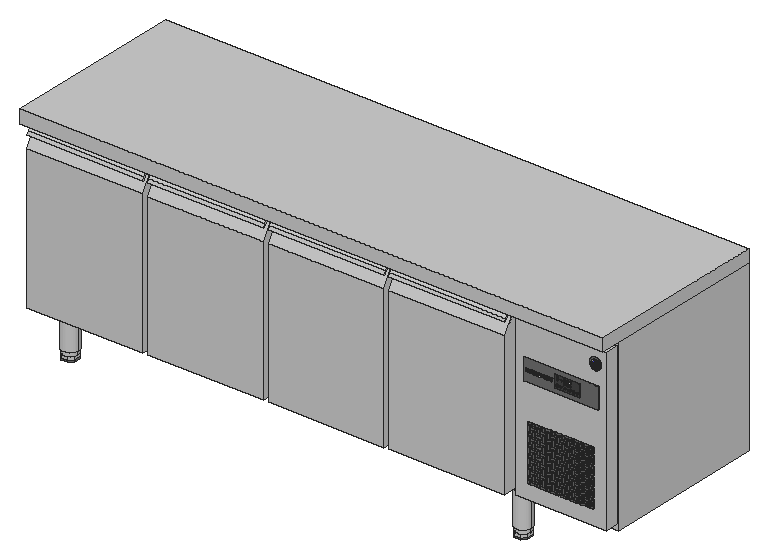
Revit family "QF_HOSHIZAKI_899040840", category Specialty Equipment, Revit 2016
Family settings
  Part Type = Normal
  Round Connector Dimension = Use Diameter
  OmniClass Number = 23.40.40.14
  OmniClass Title = Food Service Equipment
  Work Plane-Based = No
  Always vertical = Yes
  Cut with Voids When Loaded = No
  Shared = No
  Room Calculation Point = No
Parameters (values of type "899040840_230V-1Ph-50Hz")
  Weight = 159.00 kg
  Volts = 230 V
  URL Cutsheet = ""
  URL = "www.hoshizaki-europe.com"
  Status [instance] = ""
  Specification by User [instance] = ""
  Specification by Manufacturer [instance] = ""
  Serial Number = ""
  Seismic Rating = ""
  SMACNA No = ""
  Revision Code [instance] = ""
  Phase = 1
  Number of Poles = 2
  NAFEM Spec ID Number = ""
  Model = "ACF-225DG-LLRR-RRC-L1"
  Min Ckt Ampacity = 0 A
  Max Overcurrent Protection = 0 A
  Masterspec = ""
  Manufacturer = "HOSHIZAKI"
  Length Actual = 2246 mm
  Item Number [instance] = ""
  Installed By [instance] = ""
  Identify Quantity as Lot [instance] = no
  Height Actual = 830 mm
  HP power = ""
  Furnished By [instance] = ""
  Foodservice Equipment Identifier [instance] = yes
  FL Amps = 3.26 A
  Electric power = 752 W
  Electric Connection Type [instance] = ""
  Elec Conn RI Height [instance] = 0 mm
  Elec Conn Connection Height [instance] = 200 mm
  Description = "ADVANCE 4-SECTION 1/1 GN FREEZER COUNTER WITH 4 DOORS AND A FLAT WORKTOP"
  Depth Actual = 700 mm
  Cycle = 50 Hz
  Cost = 0
  Conn Plug = ""
  Conn Conduit = no
  CSI MasterFormat = ""
  Assembly Code = "E1090320"
  Apparent Power = 752 VA
  Accessory = no
Reference planes
  plane 1 "Center (Front/Back)": y = 0
  plane 2: z = 0
  plane 3 "Center (Left/Right)": x = 0
Forms (mm)
  Extrusion 1, solid, not visible
    sketch origin (1999, -17, 399) x (1, 0, 0) y (0, 1, 0)
      loop
        line (0, 0) -> (2, 0) -> (2, 2) -> (0, 2) -> (0, 0)
    from 0 to 2
Dimensions and locks
  aligned and locked: level to plane 2
Nested families
  nested 1: "QF_HOSHIZAKI_899040840_230V_1Ph_50Hz" at (0, 0, 200), type "899040840_230V/1Ph/50Hz"
    with Show Logo yes, Length Actual 2246 mm, Height Actual 650 mm, Depth Actual 700 mm, Compressor offset 1890 mm, Compressor location 1
  nested 2: "QF_HOSHIZAKI_ADVANCE_REF-COUNTER-WORKTOPS" at (0, 0, 850), type "760660203"
    with Worktop thickness 50 mm, Length Actual 2246 mm, Depth Actual 700 mm, Backsplash thickness 20 mm, Backsplash height 100 mm
  nested 3: "QF_HOSHIZAKI_ADVANCE_REF-COUNTER-DOORS-DRAWERS" at (22, -700, 200), type "760660485-R"
    with Weight 0.00 kg, URL Cutsheet "", Status "", Specification by User "", Specification by Manufacturer "", Serial Number "", Seismic Rating "", Section size 446 mm, Section 1, SMACNA No "", Right hand hinged glass door no, Right hand hinged door no, Revision Code "", NAFEM Spec ID Number "", Masterspec "", Length Actual 0 mm, Left hand hinged glass door no, Left hand hinged door yes, Item Number "", Installed By "", Identify Quantity as Lot no, Height Actual 0 mm, Furnished By "", Foodservice Equipment Identifier no, Depth Actual 0 mm, CSI MasterFormat "", Accessory yes, 3 Drawers no, 2 Drawers 1-3 and 2-3 no, 2 Drawers no
  nested 4: "QF_HOSHIZAKI_ADVANCE_REF-COUNTER-DOORS-DRAWERS" at (488, -700, 200), type "760660485-R"
    with Weight 0.00 kg, URL Cutsheet "", Status "", Specification by User "", Specification by Manufacturer "", Serial Number "", Seismic Rating "", Section size 446 mm, Section 2, SMACNA No "", Right hand hinged glass door no, Right hand hinged door yes, Revision Code "", NAFEM Spec ID Number "", Masterspec "", Length Actual 0 mm, Left hand hinged glass door no, Left hand hinged door no, Item Number "", Installed By "", Identify Quantity as Lot no, Height Actual 0 mm, Furnished By "", Foodservice Equipment Identifier no, Depth Actual 0 mm, CSI MasterFormat "", Accessory yes, 3 Drawers no, 2 Drawers 1-3 and 2-3 no, 2 Drawers no
  nested 5: "QF_HOSHIZAKI_ADVANCE_REF-COUNTER-DOORS-DRAWERS" at (952, -700, 200), type "760660485-R"
    with Weight 0.00 kg, URL Cutsheet "", Status "", Specification by User "", Specification by Manufacturer "", Serial Number "", Seismic Rating "", Section size 446 mm, Section 1, SMACNA No "", Right hand hinged glass door no, Right hand hinged door no, Revision Code "", NAFEM Spec ID Number "", Masterspec "", Length Actual 0 mm, Left hand hinged glass door no, Left hand hinged door yes, Item Number "", Installed By "", Identify Quantity as Lot no, Height Actual 0 mm, Furnished By "", Foodservice Equipment Identifier no, Depth Actual 0 mm, CSI MasterFormat "", Accessory yes, 3 Drawers no, 2 Drawers 1-3 and 2-3 no, 2 Drawers no
  nested 6: "QF_HOSHIZAKI_ADVANCE_REF-COUNTER-DOORS-DRAWERS" at (1416, -700, 200), type "760660485-R"
    with Weight 0.00 kg, URL Cutsheet "", Status "", Specification by User "", Specification by Manufacturer "", Serial Number "", Seismic Rating "", Section size 446 mm, Section 2, SMACNA No "", Right hand hinged glass door no, Right hand hinged door yes, Revision Code "", NAFEM Spec ID Number "", Masterspec "", Length Actual 0 mm, Left hand hinged glass door no, Left hand hinged door no, Item Number "", Installed By "", Identify Quantity as Lot no, Height Actual 0 mm, Furnished By "", Foodservice Equipment Identifier no, Depth Actual 0 mm, CSI MasterFormat "", Accessory yes, 3 Drawers no, 2 Drawers 1-3 and 2-3 no, 2 Drawers no
  nested 7: "QF_HOSHIZAKI_ADVANCE_REF-COUNTER-LEGS" at (0, 0, 0), type "760660117-4"
    with Weight 0.00 kg, URL Cutsheet "", Status "", Specification by User "", Specification by Manufacturer "", Serial Number "", Seismic Rating "", SMACNA No "", Revision Code "", NAFEM Spec ID Number "", Masterspec "", Length Actual 2246 mm, Legs inset right 430 mm, Legs inset rear 70 mm, Legs inset left 70 mm, Legs inset front 153 mm, Item Number "", Installed By "", Identify Quantity as Lot no, Height Actual 200 mm, Furnished By "", Foodservice Equipment Identifier no, Depth Actual 700 mm, Central Legs no, CSI MasterFormat "", Accessory yes
Connectors
  electrical at (2000, -15, 400), driven by "Apparent Power", driven by "Number of Poles", driven by "Volts"
    settings: on Extrusion 1, index 1, voltage 230 V, apparent load 0 VA, apparent load phase1 752 VA, apparent load phase2 0 VA, apparent load phase3 0 VA, power factor 1, load classification "Other", number of poles 2, system type 31, power factor state 1, is connector primary yes, connector utility no, sub classification motor no, connector description "Electric connection for '899040840' [Plug not included]"
Definition of nested family "QF_HOSHIZAKI_899040840_230V_1Ph_50Hz"
  Parameters (values of type "899040840_230V/1Ph/50Hz")
    URL = "www.hoshizaki-europe.com"
    Show Logo [instance] = yes
    Model = "ACF-225DG-LLRR-RRC-L1"
    Manufacturer = "HOSHIZAKI"
    Length Actual [instance] = 2246 mm
    Height Actual [instance] = 650 mm
    Description = "ADVANCE 4-SECTION 1/1 GN FREEZER COUNTER WITH 4 DOORS AND A FLAT WORKTOP"
    Depth Actual [instance] = 700 mm
    Compressor offset [instance] = if(Compressor location = 1, Length Actual - 356 mm, if(Compressor location = 2, 7 mm, Length Actual - 356 mm))  # 1890 mm
    Compressor location [instance] = 1
    Author = "SPECIFI"
    Assembly Code = "E1090320"
  Types (24, lengths in mm): name | Model | Length Actual | Description | Compressor offset
    899000840 | "ACF-130DG-LR-RRC-L1" | 1314 | "ADVANCE 2-SECTION 1/1 GN FREEZER COUNTER WITH 2 DOORS AND A FLAT WORKTOP" | 958
    899000844 | "ACF-130DG-LR-RRS-L1" | 1314 | "ADVANCE 2-SECTION 1/1 GN FREEZER COUNTER WITH 2 DOORS AND A FLAT WORKTOP WITH 100 MM SPLASHBACK" | 958
    899000861 | "ACF-130DG-LR-RRC-C1-U" | 1314 | "ADVANCE 2-SECTION 1/1 GN FREEZER COUNTER WITH 2 DOORS AND A FLAT WORKTOP" | 958
    899000865 | "ACF-130DG-LR-RRS-C1-U" | 1314 | "ADVANCE 2-SECTION 1/1 GN FREEZER COUNTER WITH 2 DOORS AND A FLAT WORKTOP WITH 100 MM SPLASHBACK" | 958
    899000842 | "ACF-130DG-LR-RRC-L2" | 1314 | "ADVANCE 2-SECTION 1/1 GN FREEZER COUNTER WITH 2 DOORS AND A FLAT WORKTOP" | 958
    899000846 | "ACF-130DG-LR-RRS-L2" | 1314 | "ADVANCE 2-SECTION 1/1 GN FREEZER COUNTER WITH 2 DOORS AND A FLAT WORKTOP WITH 100 MM SPLASHBACK" | 958
    899000822 | "ACF-130DG-LR-CRC-L2" | 1314 | "ADVANCE 2-SECTION 1/1 GN FREEZER COUNTER WITH 2 DOORS AND A FLAT WORKTOP" | 958
    899000826 | "ACF-130DG-LR-CRS-L2" | 1314 | "ADVANCE 2-SECTION 1/1 GN FREEZER COUNTER WITH 2 DOORS AND A FLAT WORKTOP WITH 100 MM SPLASHBACK" | 958
    899020840 | "ACF-180DG-LRR-RRC-L1" | 1780 | "ADVANCE 3-SECTION 1/1 GN FREEZER COUNTER WITH 3 DOORS AND A FLAT WORKTOP" | 1424
    899020844 | "ACF-180DG-LRR-RRS-L1" | 1780 | "ADVANCE 3-SECTION 1/1 GN FREEZER COUNTER WITH 3 DOORS AND A FLAT WORKTOP WITH 100 MM SPLASHBACK" | 1424
    899020861 | "ACF-180DG-LRR-RRC-C1-U" | 1780 | "ADVANCE 3-SECTION 1/1 GN FREEZER COUNTER WITH 3 DOORS AND A FLAT WORKTOP" | 1424
    899020865 | "ACF-180DG-LRR-RRS-C1-U" | 1780 | "ADVANCE 3-SECTION 1/1 GN FREEZER COUNTER WITH 3 DOORS AND A FLAT WORKTOP WITH 100 MM SPLASHBACK" | 1424
    899020842 | "ACF-180DG-LRR-RRC-L2" | 1780 | "ADVANCE 3-SECTION 1/1 GN FREEZER COUNTER WITH 3 DOORS AND A FLAT WORKTOP" | 1424
    899020846 | "ACF-180DG-LRR-RRS-L2" | 1780 | "ADVANCE 3-SECTION 1/1 GN FREEZER COUNTER WITH 3 DOORS AND A FLAT WORKTOP WITH 100 MM SPLASHBACK" | 1424
    899020823 | "ACF-180DG-LRR-CRC-L2" | 1780 | "ADVANCE 3-SECTION 1/1 GN FREEZER COUNTER WITH 3 DOORS AND A FLAT WORKTOP" | 1424
    899020827 | "ACF-180DG-LRR-CRS-L2" | 1780 | "ADVANCE 3-SECTION 1/1 GN FREEZER COUNTER WITH 3 DOORS AND A FLAT WORKTOP WITH 100 MM SPLASHBACK" | 1424
    899040840_230V/1Ph/50Hz | "ACF-225DG-LLRR-RRC-L1" | 2246 | "ADVANCE 4-SECTION 1/1 GN FREEZER COUNTER WITH 4 DOORS AND A FLAT WORKTOP" | 1890
    899040844 | "ACF-225DG-LLRR-RRS-L1" | 2246 | "ADVANCE 4-SECTION 1/1 GN FREEZER COUNTER WITH 4 DOORS AND A FLAT WORKTOP WITH 100 MM SPLASHBACK" | 1890
    899040861 | "ACF-225DG-LLRR-RRC-C1-U" | 2246 | "ADVANCE 4-SECTION 1/1 GN FREEZER COUNTER WITH 4 DOORS AND A FLAT WORKTOP" | 1890
    899040865 | "ACF-225DG-LLRR-RRS-C1-U" | 2246 | "ADVANCE 4-SECTION 1/1 GN FREEZER COUNTER WITH 4 DOORS AND A FLAT WORKTOP WITH 100 MM SPLASHBACK" | 1890
    899040842 | "ACF-225DG-LLRR-RRC-L2" | 2246 | "ADVANCE 4-SECTION 1/1 GN FREEZER COUNTER WITH 4 DOORS AND A FLAT WORKTOP" | 1890
    899040846 | "ACF-225DG-LLRR-RRS-L2" | 2246 | "ADVANCE 4-SECTION 1/1 GN FREEZER COUNTER WITH 4 DOORS AND A FLAT WORKTOP WITH 100 MM SPLASHBACK" | 1890
    899040822 | "ACF-225DG-LLRR-CRC-L2" | 2246 | "ADVANCE 4-SECTION 1/1 GN FREEZER COUNTER WITH 4 DOORS AND A FLAT WORKTOP" | 1890
    899040826 | "ACF-225DG-LLRR-CRS-L2" | 2246 | "ADVANCE 4-SECTION 1/1 GN FREEZER COUNTER WITH 4 DOORS AND A FLAT WORKTOP WITH 100 MM SPLASHBACK" | 1890
  Reference planes
    plane 1 "Back": y = 0
    plane 2: z = 0
    plane 3 "Left": x = 0
    plane 4 "Right": x = 2246
    plane 5 "Front": y = -700
    plane 6 "Top": z = 650
    plane 7 "Front legs": y = -624.512
    plane 8 "Compressor dimension": x = 2246
    plane 9 "Compressor offset": x = 1890
  Forms (mm)
    Extrusion 1, solid
      sketch origin (0, 0, 0) x (0, 1, 0) y (0, 0, 1)
        loop
          line (0, 650) -> (-624.512, 650) -> (-624.512, 0) -> (0, 0) -> (0, 650)
      from 0 to 2246
    Extrusion 2, solid
      sketch origin (1890, 0, 0) x (0, -1, 0) y (0, 0, 1)
        loop
          line (624.512, 634) -> (624.512, 20) -> (674.54, 20) -> (674.54, 634) -> (624.512, 634)
      from 0 to -349
  Lines and regions (mm)
    symbolic lines
      curve 1: line (0, 0, 650) -> (2246, 0, 650)
      curve 2: line (0, -700, 650) -> (0, 0, 650)
      curve 3: line (2246, -700, 650) -> (0, -700, 650)
      curve 4: line (2246, 0, 650) -> (2246, -700, 650)
  Dimensions and locks
    "Length Actual": plane 3 "Left" to plane 4 "Right"
    "Depth Actual": plane 5 "Front" to plane 1 "Back"
    plane 7 "Front legs" to plane 5 "Front" = 75.488 mm
    "Compressor offset": plane 3 "Left" to plane 9 "Compressor offset"
    locked: plane 9 "Compressor offset" to plane 8 "Compressor dimension" at 356
    plane 6 "Top" to level = 650 mm
    aligned and locked: level to plane 2
    aligned and locked: plane 1 "Back" to Extrusion 1 sketch curve
    aligned and locked: plane 7 "Front legs" to Extrusion 1 sketch curve
    aligned and locked: Extrusion 1 to plane 4 "Right"
    aligned and locked: plane 7 "Front legs" to Extrusion 2 sketch curve
    aligned and locked: nested 1 to plane 5 "Front"
    aligned and locked: nested 1 to plane 9 "Compressor offset"
    aligned and locked: Extrusion 1 sketch curve to plane 6 "Top"
    aligned and locked: plane 2 to Extrusion 1 sketch curve
    aligned and locked: plane 1 "Back" to curve 1
    aligned and locked: plane 5 "Front" to curve 3
    aligned and locked: plane 4 "Right" to curve 4
    aligned and locked: plane 3 "Left" to curve 2
  Automatic sketch dimensions
    plane 5 "Front" to Extrusion 2 sketch curve = 25.46 mm
    level to Extrusion 2 sketch curve = 20 mm
    Extrusion 2 sketch curve to plane 6 "Top" = 16 mm
  Nested families
    nested 1: "Control-panel" at (1890, -700, 0), Show Logo <- "Show Logo", type "Control-panel"
      with Show Logo yes
  Definition of nested family "Control-panel"
    Parameters (values of type "Control-panel")
      Show Logo [instance] = yes
    Reference planes
      plane 1 "Center (Front/Back)": y = 0
      plane 2: z = 0
      plane 3 "Center (Left/Right)": x = 0
      plane 4: z = 650
    Forms (mm)
      Extrusion 1, solid
        sketch origin (-3653, 19.5, -135) x (-1, 0, 0) y (0, 0, 1)
          loop
            arc (-3941, 426) -> (-3944.5, 422.5) -> (-3941, 419) r 3.5
            line (-3941, 419) -> (-3923, 419)
            arc (-3923, 419) -> (-3919.5, 422.5) -> (-3923, 426) r 3.5
            line (-3923, 426) -> (-3941, 426)
          loop
            arc (-3903, 426) -> (-3906.5, 422.5) -> (-3903, 419) r 3.5
            line (-3903, 419) -> (-3885, 419)
            arc (-3885, 419) -> (-3881.5, 422.5) -> (-3885, 426) r 3.5
            line (-3885, 426) -> (-3903, 426)
          loop
            arc (-3865, 426) -> (-3868.5, 422.5) -> (-3865, 419) r 3.5
            line (-3865, 419) -> (-3847, 419)
            arc (-3847, 419) -> (-3843.5, 422.5) -> (-3847, 426) r 3.5
            line (-3847, 426) -> (-3865, 426)
          loop
            arc (-3827, 426) -> (-3830.5, 422.5) -> (-3827, 419) r 3.5
            line (-3827, 419) -> (-3809, 419)
            arc (-3809, 419) -> (-3805.5, 422.5) -> (-3809, 426) r 3.5
            line (-3809, 426) -> (-3827, 426)
          loop
            arc (-3789, 426) -> (-3792.5, 422.5) -> (-3789, 419) r 3.5
            line (-3789, 419) -> (-3771, 419)
            arc (-3771, 419) -> (-3767.5, 422.5) -> (-3771, 426) r 3.5
            line (-3771, 426) -> (-3789, 426)
          loop
            arc (-3751, 426) -> (-3754.5, 422.5) -> (-3751, 419) r 3.5
            line (-3751, 419) -> (-3733, 419)
            arc (-3733, 419) -> (-3729.5, 422.5) -> (-3733, 426) r 3.5
            line (-3733, 426) -> (-3751, 426)
          loop
            arc (-3713, 426) -> (-3716.5, 422.5) -> (-3713, 419) r 3.5
            line (-3713, 419) -> (-3704, 419)
            arc (-3704, 419) -> (-3700.5, 422.5) -> (-3704, 426) r 3.5
            line (-3704, 426) -> (-3713, 426)
          loop
            arc (-3948, 422) -> (-3951, 425) -> (-3954, 422) r 3
            line (-3954, 422) -> (-3954, 413)
            arc (-3954, 413) -> (-3951, 410) -> (-3948, 413) r 3
            line (-3948, 413) -> (-3948, 422)
          loop
            line (-3938.025, 416.51) -> (-3945.025, 416.51) -> (-3945.025, 409.51) -> (-3938.025, 409.51) -> (-3938.025, 416.51)
          loop
            line (-3919.025, 416.51) -> (-3926.025, 416.51) -> (-3926.025, 409.51) -> (-3919.025, 409.51) -> (-3919.025, 416.51)
          loop
            arc (-3910, 422) -> (-3913, 425) -> (-3916, 422) r 3
            line (-3916, 422) -> (-3916, 413)
            arc (-3916, 413) -> (-3913, 410) -> (-3910, 413) r 3
            line (-3910, 413) -> (-3910, 422)
          loop
            line (-3900.025, 416.51) -> (-3907.025, 416.51) -> (-3907.025, 409.51) -> (-3900.025, 409.51) -> (-3900.025, 416.51)
          loop
            line (-3881.025, 416.51) -> (-3888.025, 416.51) -> (-3888.025, 409.51) -> (-3881.025, 409.51) -> (-3881.025, 416.51)
          loop
            arc (-3872, 422) -> (-3875, 425) -> (-3878, 422) r 3
            line (-3878, 422) -> (-3878, 413)
            arc (-3878, 413) -> (-3875, 410) -> (-3872, 413) r 3
            line (-3872, 413) -> (-3872, 422)
          loop
            line (-3862.025, 416.51) -> (-3869.025, 416.51) -> (-3869.025, 409.51) -> (-3862.025, 409.51) -> (-3862.025, 416.51)
          loop
            line (-3843.025, 416.51) -> (-3850.025, 416.51) -> (-3850.025, 409.51) -> (-3843.025, 409.51) -> (-3843.025, 416.51)
          loop
            arc (-3834, 422) -> (-3837, 425) -> (-3840, 422) r 3
            line (-3840, 422) -> (-3840, 413)
            arc (-3840, 413) -> (-3837, 410) -> (-3834, 413) r 3
            line (-3834, 413) -> (-3834, 422)
          loop
            line (-3824.025, 416.51) -> (-3831.025, 416.51) -> (-3831.025, 409.51) -> (-3824.025, 409.51) -> (-3824.025, 416.51)
          loop
            line (-3805.025, 416.51) -> (-3812.025, 416.51) -> (-3812.025, 409.51) -> (-3805.025, 409.51) -> (-3805.025, 416.51)
          loop
            arc (-3796, 422) -> (-3799, 425) -> (-3802, 422) r 3
            line (-3802, 422) -> (-3802, 413)
            arc (-3802, 413) -> (-3799, 410) -> (-3796, 413) r 3
            line (-3796, 413) -> (-3796, 422)
          loop
            line (-3786.025, 416.51) -> (-3793.025, 416.51) -> (-3793.025, 409.51) -> (-3786.025, 409.51) -> (-3786.025, 416.51)
          loop
            line (-3767.025, 416.51) -> (-3774.025, 416.51) -> (-3774.025, 409.51) -> (-3767.025, 409.51) -> (-3767.025, 416.51)
          loop
            arc (-3758, 422) -> (-3761, 425) -> (-3764, 422) r 3
            line (-3764, 422) -> (-3764, 413)
            arc (-3764, 413) -> (-3761, 410) -> (-3758, 413) r 3
            line (-3758, 413) -> (-3758, 422)
          loop
            line (-3748.025, 416.51) -> (-3755.025, 416.51) -> (-3755.025, 409.51) -> (-3748.025, 409.51) -> (-3748.025, 416.51)
          loop
            line (-3729.025, 416.51) -> (-3736.025, 416.51) -> (-3736.025, 409.51) -> (-3729.025, 409.51) -> (-3729.025, 416.51)
          loop
            arc (-3720, 422) -> (-3723, 425) -> (-3726, 422) r 3
            line (-3726, 422) -> (-3726, 413)
            arc (-3726, 413) -> (-3723, 410) -> (-3720, 413) r 3
            line (-3720, 413) -> (-3720, 422)
          loop
            line (-3710.025, 416.51) -> (-3717.025, 416.51) -> (-3717.025, 409.51) -> (-3710.025, 409.51) -> (-3710.025, 416.51)
          loop
            line (-3935.5, 412.5) -> (-3935.5, 394.5)
            arc (-3935.5, 394.5) -> (-3932, 391) -> (-3928.5, 394.5) r 3.5
            line (-3928.5, 394.5) -> (-3928.5, 412.5)
            arc (-3928.5, 412.5) -> (-3932, 416) -> (-3935.5, 412.5) r 3.5
          loop
            line (-3897.5, 412.5) -> (-3897.5, 394.5)
            arc (-3897.5, 394.5) -> (-3894, 391) -> (-3890.5, 394.5) r 3.5
            line (-3890.5, 394.5) -> (-3890.5, 412.5)
            arc (-3890.5, 412.5) -> (-3894, 416) -> (-3897.5, 412.5) r 3.5
          loop
            line (-3859.5, 412.5) -> (-3859.5, 394.5)
            arc (-3859.5, 394.5) -> (-3856, 391) -> (-3852.5, 394.5) r 3.5
            line (-3852.5, 394.5) -> (-3852.5, 412.5)
            arc (-3852.5, 412.5) -> (-3856, 416) -> (-3859.5, 412.5) r 3.5
          loop
            line (-3821.5, 412.5) -> (-3821.5, 394.5)
            arc (-3821.5, 394.5) -> (-3818, 391) -> (-3814.5, 394.5) r 3.5
            line (-3814.5, 394.5) -> (-3814.5, 412.5)
            arc (-3814.5, 412.5) -> (-3818, 416) -> (-3821.5, 412.5) r 3.5
          loop
            line (-3783.5, 412.5) -> (-3783.5, 394.5)
            arc (-3783.5, 394.5) -> (-3780, 391) -> (-3776.5, 394.5) r 3.5
            line (-3776.5, 394.5) -> (-3776.5, 412.5)
            arc (-3776.5, 412.5) -> (-3780, 416) -> (-3783.5, 412.5) r 3.5
          loop
            line (-3745.5, 412.5) -> (-3745.5, 394.5)
            arc (-3745.5, 394.5) -> (-3742, 391) -> (-3738.5, 394.5) r 3.5
            line (-3738.5, 394.5) -> (-3738.5, 412.5)
            arc (-3738.5, 412.5) -> (-3742, 416) -> (-3745.5, 412.5) r 3.5
          loop
            line (-3707.5, 412.5) -> (-3707.5, 394.5)
            arc (-3707.5, 394.5) -> (-3704, 391) -> (-3700.5, 394.5) r 3.5
            line (-3700.5, 394.5) -> (-3700.5, 412.5)
            arc (-3700.5, 412.5) -> (-3704, 416) -> (-3707.5, 412.5) r 3.5
          loop
            arc (-3922, 407) -> (-3925.5, 403.5) -> (-3922, 400) r 3.5
            line (-3922, 400) -> (-3904, 400)
            arc (-3904, 400) -> (-3900.5, 403.5) -> (-3904, 407) r 3.5
            line (-3904, 407) -> (-3922, 407)
          loop
            arc (-3884, 407) -> (-3887.5, 403.5) -> (-3884, 400) r 3.5
            line (-3884, 400) -> (-3866, 400)
            arc (-3866, 400) -> (-3862.5, 403.5) -> (-3866, 407) r 3.5
            line (-3866, 407) -> (-3884, 407)
          loop
            arc (-3846, 407) -> (-3849.5, 403.5) -> (-3846, 400) r 3.5
            line (-3846, 400) -> (-3828, 400)
            arc (-3828, 400) -> (-3824.5, 403.5) -> (-3828, 407) r 3.5
            line (-3828, 407) -> (-3846, 407)
          loop
            arc (-3808, 407) -> (-3811.5, 403.5) -> (-3808, 400) r 3.5
            line (-3808, 400) -> (-3790, 400)
            arc (-3790, 400) -> (-3786.5, 403.5) -> (-3790, 407) r 3.5
            line (-3790, 407) -> (-3808, 407)
          loop
            arc (-3770, 407) -> (-3773.5, 403.5) -> (-3770, 400) r 3.5
            line (-3770, 400) -> (-3752, 400)
            arc (-3752, 400) -> (-3748.5, 403.5) -> (-3752, 407) r 3.5
            line (-3752, 407) -> (-3770, 407)
          loop
            arc (-3732, 407) -> (-3735.5, 403.5) -> (-3732, 400) r 3.5
            line (-3732, 400) -> (-3714, 400)
            arc (-3714, 400) -> (-3710.5, 403.5) -> (-3714, 407) r 3.5
            line (-3714, 407) -> (-3732, 407)
          loop
            line (-3938.025, 390.49) -> (-3938.025, 397.49) -> (-3945.025, 397.49) -> (-3945.025, 390.49) -> (-3938.025, 390.49)
          loop
            line (-3919.025, 390.49) -> (-3919.025, 397.49) -> (-3926.025, 397.49) -> (-3926.025, 390.49) -> (-3919.025, 390.49)
          loop
            line (-3900.025, 390.49) -> (-3900.025, 397.49) -> (-3907.025, 397.49) -> (-3907.025, 390.49) -> (-3900.025, 390.49)
          loop
            line (-3881.025, 390.49) -> (-3881.025, 397.49) -> (-3888.025, 397.49) -> (-3888.025, 390.49) -> (-3881.025, 390.49)
          loop
            line (-3862.025, 390.49) -> (-3862.025, 397.49) -> (-3869.025, 397.49) -> (-3869.025, 390.49) -> (-3862.025, 390.49)
          loop
            line (-3843.025, 390.49) -> (-3843.025, 397.49) -> (-3850.025, 397.49) -> (-3850.025, 390.49) -> (-3843.025, 390.49)
          loop
            line (-3824.025, 390.49) -> (-3824.025, 397.49) -> (-3831.025, 397.49) -> (-3831.025, 390.49) -> (-3824.025, 390.49)
          loop
            line (-3805.025, 390.49) -> (-3805.025, 397.49) -> (-3812.025, 397.49) -> (-3812.025, 390.49) -> (-3805.025, 390.49)
          loop
            line (-3786.025, 390.49) -> (-3786.025, 397.49) -> (-3793.025, 397.49) -> (-3793.025, 390.49) -> (-3786.025, 390.49)
          loop
            line (-3767.025, 390.49) -> (-3767.025, 397.49) -> (-3774.025, 397.49) -> (-3774.025, 390.49) -> (-3767.025, 390.49)
          loop
            line (-3748.025, 390.49) -> (-3748.025, 397.49) -> (-3755.025, 397.49) -> (-3755.025, 390.49) -> (-3748.025, 390.49)
          loop
            line (-3729.025, 390.49) -> (-3729.025, 397.49) -> (-3736.025, 397.49) -> (-3736.025, 390.49) -> (-3729.025, 390.49)
          loop
            line (-3710.025, 390.49) -> (-3710.025, 397.49) -> (-3717.025, 397.49) -> (-3717.025, 390.49) -> (-3710.025, 390.49)
          loop
            arc (-3719.5, 393.5) -> (-3723, 397) -> (-3726.5, 393.5) r 3.5
            line (-3726.5, 393.5) -> (-3726.5, 375.5)
            arc (-3726.5, 375.5) -> (-3723, 372) -> (-3719.5, 375.5) r 3.5
            line (-3719.5, 375.5) -> (-3719.5, 393.5)
          loop
            arc (-3757.5, 393.5) -> (-3761, 397) -> (-3764.5, 393.5) r 3.5
            line (-3764.5, 393.5) -> (-3764.5, 375.5)
            arc (-3764.5, 375.5) -> (-3761, 372) -> (-3757.5, 375.5) r 3.5
            line (-3757.5, 375.5) -> (-3757.5, 393.5)
          loop
            arc (-3795.5, 393.5) -> (-3799, 397) -> (-3802.5, 393.5) r 3.5
            line (-3802.5, 393.5) -> (-3802.5, 375.5)
            arc (-3802.5, 375.5) -> (-3799, 372) -> (-3795.5, 375.5) r 3.5
            line (-3795.5, 375.5) -> (-3795.5, 393.5)
          loop
            arc (-3833.5, 393.5) -> (-3837, 397) -> (-3840.5, 393.5) r 3.5
            line (-3840.5, 393.5) -> (-3840.5, 375.5)
            arc (-3840.5, 375.5) -> (-3837, 372) -> (-3833.5, 375.5) r 3.5
            line (-3833.5, 375.5) -> (-3833.5, 393.5)
          loop
            arc (-3871.5, 393.5) -> (-3875, 397) -> (-3878.5, 393.5) r 3.5
            line (-3878.5, 393.5) -> (-3878.5, 375.5)
            arc (-3878.5, 375.5) -> (-3875, 372) -> (-3871.5, 375.5) r 3.5
            line (-3871.5, 375.5) -> (-3871.5, 393.5)
          loop
            arc (-3909.5, 393.5) -> (-3913, 397) -> (-3916.5, 393.5) r 3.5
            line (-3916.5, 393.5) -> (-3916.5, 375.5)
            arc (-3916.5, 375.5) -> (-3913, 372) -> (-3909.5, 375.5) r 3.5
            line (-3909.5, 375.5) -> (-3909.5, 393.5)
          loop
            arc (-3951, 406.5) -> (-3954, 403.5) -> (-3951, 400.5) r 3
            line (-3951, 400.5) -> (-3942, 400.5)
            arc (-3942, 400.5) -> (-3939, 403.5) -> (-3942, 406.5) r 3
            line (-3942, 406.5) -> (-3951, 406.5)
          loop
            arc (-3947.5, 393.5) -> (-3951, 397) -> (-3954.5, 393.5) r 3.5
            line (-3954.5, 393.5) -> (-3954.5, 375.5)
            arc (-3954.5, 375.5) -> (-3951, 372) -> (-3947.5, 375.5) r 3.5
            line (-3947.5, 375.5) -> (-3947.5, 393.5)
          loop
            arc (-3941, 388.51) -> (-3944.5, 385.01) -> (-3941, 381.51) r 3.5
            line (-3941, 381.51) -> (-3923, 381.51)
            arc (-3923, 381.51) -> (-3919.5, 385.01) -> (-3923, 388.51) r 3.5
            line (-3923, 388.51) -> (-3941, 388.51)
          loop
            arc (-3903, 388.51) -> (-3906.5, 385.01) -> (-3903, 381.51) r 3.5
            line (-3903, 381.51) -> (-3885, 381.51)
            arc (-3885, 381.51) -> (-3881.5, 385.01) -> (-3885, 388.51) r 3.5
            line (-3885, 388.51) -> (-3903, 388.51)
          loop
            arc (-3865, 388.51) -> (-3868.5, 385.01) -> (-3865, 381.51) r 3.5
            line (-3865, 381.51) -> (-3847, 381.51)
            arc (-3847, 381.51) -> (-3843.5, 385.01) -> (-3847, 388.51) r 3.5
            line (-3847, 388.51) -> (-3865, 388.51)
          loop
            arc (-3827, 388.51) -> (-3830.5, 385.01) -> (-3827, 381.51) r 3.5
            line (-3827, 381.51) -> (-3809, 381.51)
            arc (-3809, 381.51) -> (-3805.5, 385.01) -> (-3809, 388.51) r 3.5
            line (-3809, 388.51) -> (-3827, 388.51)
          loop
            arc (-3789, 388.51) -> (-3792.5, 385.01) -> (-3789, 381.51) r 3.5
            line (-3789, 381.51) -> (-3771, 381.51)
            arc (-3771, 381.51) -> (-3767.5, 385.01) -> (-3771, 388.51) r 3.5
            line (-3771, 388.51) -> (-3789, 388.51)
          loop
            arc (-3751, 388.51) -> (-3754.5, 385.01) -> (-3751, 381.51) r 3.5
            line (-3751, 381.51) -> (-3733, 381.51)
            arc (-3733, 381.51) -> (-3729.5, 385.01) -> (-3733, 388.51) r 3.5
            line (-3733, 388.51) -> (-3751, 388.51)
          loop
            arc (-3713, 388.51) -> (-3716.5, 385.01) -> (-3713, 381.51) r 3.5
            line (-3713, 381.51) -> (-3704, 381.51)
            arc (-3704, 381.51) -> (-3700.5, 385.01) -> (-3704, 388.51) r 3.5
            line (-3704, 388.51) -> (-3713, 388.51)
          loop
            line (-3938.025, 379.02) -> (-3945.025, 379.02) -> (-3945.025, 372.02) -> (-3938.025, 372.02) -> (-3938.025, 379.02)
          loop
            line (-3919.025, 379.02) -> (-3926.025, 379.02) -> (-3926.025, 372.02) -> (-3919.025, 372.02) -> (-3919.025, 379.02)
          loop
            line (-3900.025, 379.02) -> (-3907.025, 379.02) -> (-3907.025, 372.02) -> (-3900.025, 372.02) -> (-3900.025, 379.02)
          loop
            line (-3881.025, 379.02) -> (-3888.025, 379.02) -> (-3888.025, 372.02) -> (-3881.025, 372.02) -> (-3881.025, 379.02)
          loop
            line (-3862.025, 379.02) -> (-3869.025, 379.02) -> (-3869.025, 372.02) -> (-3862.025, 372.02) -> (-3862.025, 379.02)
          loop
            line (-3843.025, 379.02) -> (-3850.025, 379.02) -> (-3850.025, 372.02) -> (-3843.025, 372.02) -> (-3843.025, 379.02)
          loop
            line (-3824.025, 379.02) -> (-3831.025, 379.02) -> (-3831.025, 372.02) -> (-3824.025, 372.02) -> (-3824.025, 379.02)
          loop
            line (-3805.025, 379.02) -> (-3812.025, 379.02) -> (-3812.025, 372.02) -> (-3805.025, 372.02) -> (-3805.025, 379.02)
          loop
            line (-3786.025, 379.02) -> (-3793.025, 379.02) -> (-3793.025, 372.02) -> (-3786.025, 372.02) -> (-3786.025, 379.02)
          loop
            line (-3767.025, 379.02) -> (-3774.025, 379.02) -> (-3774.025, 372.02) -> (-3767.025, 372.02) -> (-3767.025, 379.02)
          loop
            line (-3748.025, 379.02) -> (-3755.025, 379.02) -> (-3755.025, 372.02) -> (-3748.025, 372.02) -> (-3748.025, 379.02)
          loop
            line (-3729.025, 379.02) -> (-3736.025, 379.02) -> (-3736.025, 372.02) -> (-3729.025, 372.02) -> (-3729.025, 379.02)
          loop
            line (-3710.025, 379.02) -> (-3717.025, 379.02) -> (-3717.025, 372.02) -> (-3710.025, 372.02) -> (-3710.025, 379.02)
          loop
            line (-3935.5, 375.01) -> (-3935.5, 357.01)
            arc (-3935.5, 357.01) -> (-3932, 353.51) -> (-3928.5, 357.01) r 3.5
            line (-3928.5, 357.01) -> (-3928.5, 375.01)
            arc (-3928.5, 375.01) -> (-3932, 378.51) -> (-3935.5, 375.01) r 3.5
          loop
            line (-3897.5, 375.01) -> (-3897.5, 357.01)
            arc (-3897.5, 357.01) -> (-3894, 353.51) -> (-3890.5, 357.01) r 3.5
            line (-3890.5, 357.01) -> (-3890.5, 375.01)
            arc (-3890.5, 375.01) -> (-3894, 378.51) -> (-3897.5, 375.01) r 3.5
          loop
            line (-3859.5, 375.01) -> (-3859.5, 357.01)
            arc (-3859.5, 357.01) -> (-3856, 353.51) -> (-3852.5, 357.01) r 3.5
            line (-3852.5, 357.01) -> (-3852.5, 375.01)
            arc (-3852.5, 375.01) -> (-3856, 378.51) -> (-3859.5, 375.01) r 3.5
          loop
            line (-3821.5, 375.01) -> (-3821.5, 357.01)
            arc (-3821.5, 357.01) -> (-3818, 353.51) -> (-3814.5, 357.01) r 3.5
            line (-3814.5, 357.01) -> (-3814.5, 375.01)
            arc (-3814.5, 375.01) -> (-3818, 378.51) -> (-3821.5, 375.01) r 3.5
          loop
            line (-3783.5, 375.01) -> (-3783.5, 357.01)
            arc (-3783.5, 357.01) -> (-3780, 353.51) -> (-3776.5, 357.01) r 3.5
            line (-3776.5, 357.01) -> (-3776.5, 375.01)
            arc (-3776.5, 375.01) -> (-3780, 378.51) -> (-3783.5, 375.01) r 3.5
          loop
            line (-3745.5, 375.01) -> (-3745.5, 357.01)
            arc (-3745.5, 357.01) -> (-3742, 353.51) -> (-3738.5, 357.01) r 3.5
            line (-3738.5, 357.01) -> (-3738.5, 375.01)
            arc (-3738.5, 375.01) -> (-3742, 378.51) -> (-3745.5, 375.01) r 3.5
          loop
            line (-3707.5, 375.01) -> (-3707.5, 357.01)
            arc (-3707.5, 357.01) -> (-3704, 353.51) -> (-3700.5, 357.01) r 3.5
            line (-3700.5, 357.01) -> (-3700.5, 375.01)
            arc (-3700.5, 375.01) -> (-3704, 378.51) -> (-3707.5, 375.01) r 3.5
          loop
            arc (-3922, 369.51) -> (-3925.5, 366.01) -> (-3922, 362.51) r 3.5
            line (-3922, 362.51) -> (-3904, 362.51)
            arc (-3904, 362.51) -> (-3900.5, 366.01) -> (-3904, 369.51) r 3.5
            line (-3904, 369.51) -> (-3922, 369.51)
          loop
            arc (-3884, 369.51) -> (-3887.5, 366.01) -> (-3884, 362.51) r 3.5
            line (-3884, 362.51) -> (-3866, 362.51)
            arc (-3866, 362.51) -> (-3862.5, 366.01) -> (-3866, 369.51) r 3.5
            line (-3866, 369.51) -> (-3884, 369.51)
          loop
            arc (-3846, 369.51) -> (-3849.5, 366.01) -> (-3846, 362.51) r 3.5
            line (-3846, 362.51) -> (-3828, 362.51)
            arc (-3828, 362.51) -> (-3824.5, 366.01) -> (-3828, 369.51) r 3.5
            line (-3828, 369.51) -> (-3846, 369.51)
          loop
            arc (-3808, 369.51) -> (-3811.5, 366.01) -> (-3808, 362.51) r 3.5
            line (-3808, 362.51) -> (-3790, 362.51)
            arc (-3790, 362.51) -> (-3786.5, 366.01) -> (-3790, 369.51) r 3.5
            line (-3790, 369.51) -> (-3808, 369.51)
          loop
            arc (-3770, 369.51) -> (-3773.5, 366.01) -> (-3770, 362.51) r 3.5
            line (-3770, 362.51) -> (-3752, 362.51)
            arc (-3752, 362.51) -> (-3748.5, 366.01) -> (-3752, 369.51) r 3.5
            line (-3752, 369.51) -> (-3770, 369.51)
          loop
            arc (-3732, 369.51) -> (-3735.5, 366.01) -> (-3732, 362.51) r 3.5
            line (-3732, 362.51) -> (-3714, 362.51)
            arc (-3714, 362.51) -> (-3710.5, 366.01) -> (-3714, 369.51) r 3.5
            line (-3714, 369.51) -> (-3732, 369.51)
          loop
            line (-3938.025, 353) -> (-3938.025, 360) -> (-3945.025, 360) -> (-3945.025, 353) -> (-3938.025, 353)
          loop
            line (-3919.025, 353) -> (-3919.025, 360) -> (-3926.025, 360) -> (-3926.025, 353) -> (-3919.025, 353)
          loop
            line (-3900.025, 353) -> (-3900.025, 360) -> (-3907.025, 360) -> (-3907.025, 353) -> (-3900.025, 353)
          loop
            line (-3881.025, 353) -> (-3881.025, 360) -> (-3888.025, 360) -> (-3888.025, 353) -> (-3881.025, 353)
          loop
            line (-3862.025, 353) -> (-3862.025, 360) -> (-3869.025, 360) -> (-3869.025, 353) -> (-3862.025, 353)
          loop
            line (-3843.025, 353) -> (-3843.025, 360) -> (-3850.025, 360) -> (-3850.025, 353) -> (-3843.025, 353)
          loop
            line (-3824.025, 353) -> (-3824.025, 360) -> (-3831.025, 360) -> (-3831.025, 353) -> (-3824.025, 353)
          loop
            line (-3805.025, 353) -> (-3805.025, 360) -> (-3812.025, 360) -> (-3812.025, 353) -> (-3805.025, 353)
          loop
            line (-3786.025, 353) -> (-3786.025, 360) -> (-3793.025, 360) -> (-3793.025, 353) -> (-3786.025, 353)
          loop
            line (-3767.025, 353) -> (-3767.025, 360) -> (-3774.025, 360) -> (-3774.025, 353) -> (-3767.025, 353)
          loop
            line (-3748.025, 353) -> (-3748.025, 360) -> (-3755.025, 360) -> (-3755.025, 353) -> (-3748.025, 353)
          loop
            line (-3729.025, 353) -> (-3729.025, 360) -> (-3736.025, 360) -> (-3736.025, 353) -> (-3729.025, 353)
          loop
            line (-3710.025, 353) -> (-3710.025, 360) -> (-3717.025, 360) -> (-3717.025, 353) -> (-3710.025, 353)
          loop
            arc (-3719.5, 356.01) -> (-3723, 359.51) -> (-3726.5, 356.01) r 3.5
            line (-3726.5, 356.01) -> (-3726.5, 338.01)
            arc (-3726.5, 338.01) -> (-3723, 334.51) -> (-3719.5, 338.01) r 3.5
            line (-3719.5, 338.01) -> (-3719.5, 356.01)
          loop
            arc (-3757.5, 356.01) -> (-3761, 359.51) -> (-3764.5, 356.01) r 3.5
            line (-3764.5, 356.01) -> (-3764.5, 338.01)
            arc (-3764.5, 338.01) -> (-3761, 334.51) -> (-3757.5, 338.01) r 3.5
            line (-3757.5, 338.01) -> (-3757.5, 356.01)
          loop
            arc (-3795.5, 356.01) -> (-3799, 359.51) -> (-3802.5, 356.01) r 3.5
            line (-3802.5, 356.01) -> (-3802.5, 338.01)
            arc (-3802.5, 338.01) -> (-3799, 334.51) -> (-3795.5, 338.01) r 3.5
            line (-3795.5, 338.01) -> (-3795.5, 356.01)
          loop
            arc (-3833.5, 356.01) -> (-3837, 359.51) -> (-3840.5, 356.01) r 3.5
            line (-3840.5, 356.01) -> (-3840.5, 338.01)
            arc (-3840.5, 338.01) -> (-3837, 334.51) -> (-3833.5, 338.01) r 3.5
            line (-3833.5, 338.01) -> (-3833.5, 356.01)
          loop
            arc (-3871.5, 356.01) -> (-3875, 359.51) -> (-3878.5, 356.01) r 3.5
            line (-3878.5, 356.01) -> (-3878.5, 338.01)
            arc (-3878.5, 338.01) -> (-3875, 334.51) -> (-3871.5, 338.01) r 3.5
            line (-3871.5, 338.01) -> (-3871.5, 356.01)
          loop
            arc (-3909.5, 356.01) -> (-3913, 359.51) -> (-3916.5, 356.01) r 3.5
            line (-3916.5, 356.01) -> (-3916.5, 338.01)
            arc (-3916.5, 338.01) -> (-3913, 334.51) -> (-3909.5, 338.01) r 3.5
            line (-3909.5, 338.01) -> (-3909.5, 356.01)
          loop
            arc (-3951, 369.01) -> (-3954, 366.01) -> (-3951, 363.01) r 3
            line (-3951, 363.01) -> (-3942, 363.01)
            arc (-3942, 363.01) -> (-3939, 366.01) -> (-3942, 369.01) r 3
            line (-3942, 369.01) -> (-3951, 369.01)
          loop
            arc (-3947.5, 356.01) -> (-3951, 359.51) -> (-3954.5, 356.01) r 3.5
            line (-3954.5, 356.01) -> (-3954.5, 338.01)
            arc (-3954.5, 338.01) -> (-3951, 334.51) -> (-3947.5, 338.01) r 3.5
            line (-3947.5, 338.01) -> (-3947.5, 356.01)
          loop
            arc (-3941, 350.486) -> (-3944.5, 346.986) -> (-3941, 343.486) r 3.5
            line (-3941, 343.486) -> (-3923, 343.486)
            arc (-3923, 343.486) -> (-3919.5, 346.986) -> (-3923, 350.486) r 3.5
            line (-3923, 350.486) -> (-3941, 350.486)
          loop
            arc (-3903, 350.486) -> (-3906.5, 346.986) -> (-3903, 343.486) r 3.5
            line (-3903, 343.486) -> (-3885, 343.486)
            arc (-3885, 343.486) -> (-3881.5, 346.986) -> (-3885, 350.486) r 3.5
            line (-3885, 350.486) -> (-3903, 350.486)
          loop
            arc (-3865, 350.486) -> (-3868.5, 346.986) -> (-3865, 343.486) r 3.5
            line (-3865, 343.486) -> (-3847, 343.486)
            arc (-3847, 343.486) -> (-3843.5, 346.986) -> (-3847, 350.486) r 3.5
            line (-3847, 350.486) -> (-3865, 350.486)
          loop
            arc (-3827, 350.486) -> (-3830.5, 346.986) -> (-3827, 343.486) r 3.5
            line (-3827, 343.486) -> (-3809, 343.486)
            arc (-3809, 343.486) -> (-3805.5, 346.986) -> (-3809, 350.486) r 3.5
            line (-3809, 350.486) -> (-3827, 350.486)
          loop
            arc (-3789, 350.486) -> (-3792.5, 346.986) -> (-3789, 343.486) r 3.5
            line (-3789, 343.486) -> (-3771, 343.486)
            arc (-3771, 343.486) -> (-3767.5, 346.986) -> (-3771, 350.486) r 3.5
            line (-3771, 350.486) -> (-3789, 350.486)
          loop
            arc (-3751, 350.486) -> (-3754.5, 346.986) -> (-3751, 343.486) r 3.5
            line (-3751, 343.486) -> (-3733, 343.486)
            arc (-3733, 343.486) -> (-3729.5, 346.986) -> (-3733, 350.486) r 3.5
            line (-3733, 350.486) -> (-3751, 350.486)
          loop
            arc (-3713, 350.486) -> (-3716.5, 346.986) -> (-3713, 343.486) r 3.5
            line (-3713, 343.486) -> (-3704, 343.486)
            arc (-3704, 343.486) -> (-3700.5, 346.986) -> (-3704, 350.486) r 3.5
            line (-3704, 350.486) -> (-3713, 350.486)
          loop
            line (-3938.025, 340.996) -> (-3945.025, 340.996) -> (-3945.025, 333.996) -> (-3938.025, 333.996) -> (-3938.025, 340.996)
          loop
            line (-3919.025, 340.996) -> (-3926.025, 340.996) -> (-3926.025, 333.996) -> (-3919.025, 333.996) -> (-3919.025, 340.996)
          loop
            line (-3900.025, 340.996) -> (-3907.025, 340.996) -> (-3907.025, 333.996) -> (-3900.025, 333.996) -> (-3900.025, 340.996)
          loop
            line (-3881.025, 340.996) -> (-3888.025, 340.996) -> (-3888.025, 333.996) -> (-3881.025, 333.996) -> (-3881.025, 340.996)
          loop
            line (-3862.025, 340.996) -> (-3869.025, 340.996) -> (-3869.025, 333.996) -> (-3862.025, 333.996) -> (-3862.025, 340.996)
          loop
            line (-3843.025, 340.996) -> (-3850.025, 340.996) -> (-3850.025, 333.996) -> (-3843.025, 333.996) -> (-3843.025, 340.996)
          loop
            line (-3824.025, 340.996) -> (-3831.025, 340.996) -> (-3831.025, 333.996) -> (-3824.025, 333.996) -> (-3824.025, 340.996)
          loop
            line (-3805.025, 340.996) -> (-3812.025, 340.996) -> (-3812.025, 333.996) -> (-3805.025, 333.996) -> (-3805.025, 340.996)
          loop
            line (-3786.025, 340.996) -> (-3793.025, 340.996) -> (-3793.025, 333.996) -> (-3786.025, 333.996) -> (-3786.025, 340.996)
          loop
            line (-3767.025, 340.996) -> (-3774.025, 340.996) -> (-3774.025, 333.996) -> (-3767.025, 333.996) -> (-3767.025, 340.996)
          loop
            line (-3748.025, 340.996) -> (-3755.025, 340.996) -> (-3755.025, 333.996) -> (-3748.025, 333.996) -> (-3748.025, 340.996)
          loop
            line (-3729.025, 340.996) -> (-3736.025, 340.996) -> (-3736.025, 333.996) -> (-3729.025, 333.996) -> (-3729.025, 340.996)
          loop
            line (-3710.025, 340.996) -> (-3717.025, 340.996) -> (-3717.025, 333.996) -> (-3710.025, 333.996) -> (-3710.025, 340.996)
          loop
            line (-3935.5, 336.986) -> (-3935.5, 318.986)
            arc (-3935.5, 318.986) -> (-3932, 315.486) -> (-3928.5, 318.986) r 3.5
            line (-3928.5, 318.986) -> (-3928.5, 336.986)
            arc (-3928.5, 336.986) -> (-3932, 340.486) -> (-3935.5, 336.986) r 3.5
          loop
            line (-3897.5, 336.986) -> (-3897.5, 318.986)
            arc (-3897.5, 318.986) -> (-3894, 315.486) -> (-3890.5, 318.986) r 3.5
            line (-3890.5, 318.986) -> (-3890.5, 336.986)
            arc (-3890.5, 336.986) -> (-3894, 340.486) -> (-3897.5, 336.986) r 3.5
          loop
            line (-3859.5, 336.986) -> (-3859.5, 318.986)
            arc (-3859.5, 318.986) -> (-3856, 315.486) -> (-3852.5, 318.986) r 3.5
            line (-3852.5, 318.986) -> (-3852.5, 336.986)
            arc (-3852.5, 336.986) -> (-3856, 340.486) -> (-3859.5, 336.986) r 3.5
          loop
            line (-3821.5, 336.986) -> (-3821.5, 318.986)
            arc (-3821.5, 318.986) -> (-3818, 315.486) -> (-3814.5, 318.986) r 3.5
            line (-3814.5, 318.986) -> (-3814.5, 336.986)
            arc (-3814.5, 336.986) -> (-3818, 340.486) -> (-3821.5, 336.986) r 3.5
          loop
            line (-3783.5, 336.986) -> (-3783.5, 318.986)
            arc (-3783.5, 318.986) -> (-3780, 315.486) -> (-3776.5, 318.986) r 3.5
            line (-3776.5, 318.986) -> (-3776.5, 336.986)
            arc (-3776.5, 336.986) -> (-3780, 340.486) -> (-3783.5, 336.986) r 3.5
          loop
            line (-3745.5, 336.986) -> (-3745.5, 318.986)
            arc (-3745.5, 318.986) -> (-3742, 315.486) -> (-3738.5, 318.986) r 3.5
            line (-3738.5, 318.986) -> (-3738.5, 336.986)
            arc (-3738.5, 336.986) -> (-3742, 340.486) -> (-3745.5, 336.986) r 3.5
          loop
            line (-3707.5, 336.986) -> (-3707.5, 318.986)
            arc (-3707.5, 318.986) -> (-3704, 315.486) -> (-3700.5, 318.986) r 3.5
            line (-3700.5, 318.986) -> (-3700.5, 336.986)
            arc (-3700.5, 336.986) -> (-3704, 340.486) -> (-3707.5, 336.986) r 3.5
          loop
            arc (-3922, 331.486) -> (-3925.5, 327.986) -> (-3922, 324.486) r 3.5
            line (-3922, 324.486) -> (-3904, 324.486)
            arc (-3904, 324.486) -> (-3900.5, 327.986) -> (-3904, 331.486) r 3.5
            line (-3904, 331.486) -> (-3922, 331.486)
          loop
            arc (-3884, 331.486) -> (-3887.5, 327.986) -> (-3884, 324.486) r 3.5
            line (-3884, 324.486) -> (-3866, 324.486)
            arc (-3866, 324.486) -> (-3862.5, 327.986) -> (-3866, 331.486) r 3.5
            line (-3866, 331.486) -> (-3884, 331.486)
          loop
            arc (-3846, 331.486) -> (-3849.5, 327.986) -> (-3846, 324.486) r 3.5
            line (-3846, 324.486) -> (-3828, 324.486)
            arc (-3828, 324.486) -> (-3824.5, 327.986) -> (-3828, 331.486) r 3.5
            line (-3828, 331.486) -> (-3846, 331.486)
          loop
            arc (-3808, 331.486) -> (-3811.5, 327.986) -> (-3808, 324.486) r 3.5
            line (-3808, 324.486) -> (-3790, 324.486)
            arc (-3790, 324.486) -> (-3786.5, 327.986) -> (-3790, 331.486) r 3.5
            line (-3790, 331.486) -> (-3808, 331.486)
          loop
            arc (-3770, 331.486) -> (-3773.5, 327.986) -> (-3770, 324.486) r 3.5
            line (-3770, 324.486) -> (-3752, 324.486)
            arc (-3752, 324.486) -> (-3748.5, 327.986) -> (-3752, 331.486) r 3.5
            line (-3752, 331.486) -> (-3770, 331.486)
          loop
            arc (-3732, 331.486) -> (-3735.5, 327.986) -> (-3732, 324.486) r 3.5
            line (-3732, 324.486) -> (-3714, 324.486)
            arc (-3714, 324.486) -> (-3710.5, 327.986) -> (-3714, 331.486) r 3.5
            line (-3714, 331.486) -> (-3732, 331.486)
          loop
            line (-3938.025, 314.976) -> (-3938.025, 321.976) -> (-3945.025, 321.976) -> (-3945.025, 314.976) -> (-3938.025, 314.976)
          loop
            line (-3919.025, 314.976) -> (-3919.025, 321.976) -> (-3926.025, 321.976) -> (-3926.025, 314.976) -> (-3919.025, 314.976)
          loop
            line (-3900.025, 314.976) -> (-3900.025, 321.976) -> (-3907.025, 321.976) -> (-3907.025, 314.976) -> (-3900.025, 314.976)
          loop
            line (-3881.025, 314.976) -> (-3881.025, 321.976) -> (-3888.025, 321.976) -> (-3888.025, 314.976) -> (-3881.025, 314.976)
          loop
            line (-3862.025, 314.976) -> (-3862.025, 321.976) -> (-3869.025, 321.976) -> (-3869.025, 314.976) -> (-3862.025, 314.976)
          loop
            line (-3843.025, 314.976) -> (-3843.025, 321.976) -> (-3850.025, 321.976) -> (-3850.025, 314.976) -> (-3843.025, 314.976)
          loop
            line (-3824.025, 314.976) -> (-3824.025, 321.976) -> (-3831.025, 321.976) -> (-3831.025, 314.976) -> (-3824.025, 314.976)
          loop
            line (-3805.025, 314.976) -> (-3805.025, 321.976) -> (-3812.025, 321.976) -> (-3812.025, 314.976) -> (-3805.025, 314.976)
          loop
            line (-3786.025, 314.976) -> (-3786.025, 321.976) -> (-3793.025, 321.976) -> (-3793.025, 314.976) -> (-3786.025, 314.976)
          loop
            line (-3767.025, 314.976) -> (-3767.025, 321.976) -> (-3774.025, 321.976) -> (-3774.025, 314.976) -> (-3767.025, 314.976)
          loop
            line (-3748.025, 314.976) -> (-3748.025, 321.976) -> (-3755.025, 321.976) -> (-3755.025, 314.976) -> (-3748.025, 314.976)
          loop
            line (-3729.025, 314.976) -> (-3729.025, 321.976) -> (-3736.025, 321.976) -> (-3736.025, 314.976) -> (-3729.025, 314.976)
          loop
            line (-3710.025, 314.976) -> (-3710.025, 321.976) -> (-3717.025, 321.976) -> (-3717.025, 314.976) -> (-3710.025, 314.976)
          loop
            arc (-3719.5, 317.986) -> (-3723, 321.486) -> (-3726.5, 317.986) r 3.5
            line (-3726.5, 317.986) -> (-3726.5, 299.986)
            arc (-3726.5, 299.986) -> (-3723, 296.486) -> (-3719.5, 299.986) r 3.5
            line (-3719.5, 299.986) -> (-3719.5, 317.986)
          loop
            arc (-3757.5, 317.986) -> (-3761, 321.486) -> (-3764.5, 317.986) r 3.5
            line (-3764.5, 317.986) -> (-3764.5, 299.986)
            arc (-3764.5, 299.986) -> (-3761, 296.486) -> (-3757.5, 299.986) r 3.5
            line (-3757.5, 299.986) -> (-3757.5, 317.986)
          loop
            arc (-3795.5, 317.986) -> (-3799, 321.486) -> (-3802.5, 317.986) r 3.5
            line (-3802.5, 317.986) -> (-3802.5, 299.986)
            arc (-3802.5, 299.986) -> (-3799, 296.486) -> (-3795.5, 299.986) r 3.5
            line (-3795.5, 299.986) -> (-3795.5, 317.986)
          loop
            arc (-3833.5, 317.986) -> (-3837, 321.486) -> (-3840.5, 317.986) r 3.5
            line (-3840.5, 317.986) -> (-3840.5, 299.986)
            arc (-3840.5, 299.986) -> (-3837, 296.486) -> (-3833.5, 299.986) r 3.5
            line (-3833.5, 299.986) -> (-3833.5, 317.986)
          loop
            arc (-3871.5, 317.986) -> (-3875, 321.486) -> (-3878.5, 317.986) r 3.5
            line (-3878.5, 317.986) -> (-3878.5, 299.986)
            arc (-3878.5, 299.986) -> (-3875, 296.486) -> (-3871.5, 299.986) r 3.5
            line (-3871.5, 299.986) -> (-3871.5, 317.986)
          loop
            arc (-3909.5, 317.986) -> (-3913, 321.486) -> (-3916.5, 317.986) r 3.5
            line (-3916.5, 317.986) -> (-3916.5, 299.986)
            arc (-3916.5, 299.986) -> (-3913, 296.486) -> (-3909.5, 299.986) r 3.5
            line (-3909.5, 299.986) -> (-3909.5, 317.986)
          loop
            arc (-3951, 330.986) -> (-3954, 327.986) -> (-3951, 324.986) r 3
            line (-3951, 324.986) -> (-3942, 324.986)
            arc (-3942, 324.986) -> (-3939, 327.986) -> (-3942, 330.986) r 3
            line (-3942, 330.986) -> (-3951, 330.986)
          loop
            arc (-3947.5, 317.986) -> (-3951, 321.486) -> (-3954.5, 317.986) r 3.5
            line (-3954.5, 317.986) -> (-3954.5, 299.986)
            arc (-3954.5, 299.986) -> (-3951, 296.486) -> (-3947.5, 299.986) r 3.5
            line (-3947.5, 299.986) -> (-3947.5, 317.986)
          loop
            arc (-3941, 312.486) -> (-3944.5, 308.986) -> (-3941, 305.486) r 3.5
            line (-3941, 305.486) -> (-3923, 305.486)
            arc (-3923, 305.486) -> (-3919.5, 308.986) -> (-3923, 312.486) r 3.5
            line (-3923, 312.486) -> (-3941, 312.486)
          loop
            arc (-3903, 312.486) -> (-3906.5, 308.986) -> (-3903, 305.486) r 3.5
            line (-3903, 305.486) -> (-3885, 305.486)
            arc (-3885, 305.486) -> (-3881.5, 308.986) -> (-3885, 312.486) r 3.5
            line (-3885, 312.486) -> (-3903, 312.486)
          loop
            arc (-3865, 312.486) -> (-3868.5, 308.986) -> (-3865, 305.486) r 3.5
            line (-3865, 305.486) -> (-3847, 305.486)
            arc (-3847, 305.486) -> (-3843.5, 308.986) -> (-3847, 312.486) r 3.5
            line (-3847, 312.486) -> (-3865, 312.486)
          loop
            arc (-3827, 312.486) -> (-3830.5, 308.986) -> (-3827, 305.486) r 3.5
            line (-3827, 305.486) -> (-3809, 305.486)
            arc (-3809, 305.486) -> (-3805.5, 308.986) -> (-3809, 312.486) r 3.5
            line (-3809, 312.486) -> (-3827, 312.486)
          loop
            arc (-3789, 312.486) -> (-3792.5, 308.986) -> (-3789, 305.486) r 3.5
            line (-3789, 305.486) -> (-3771, 305.486)
            arc (-3771, 305.486) -> (-3767.5, 308.986) -> (-3771, 312.486) r 3.5
            line (-3771, 312.486) -> (-3789, 312.486)
          loop
            arc (-3751, 312.486) -> (-3754.5, 308.986) -> (-3751, 305.486) r 3.5
            line (-3751, 305.486) -> (-3733, 305.486)
            arc (-3733, 305.486) -> (-3729.5, 308.986) -> (-3733, 312.486) r 3.5
            line (-3733, 312.486) -> (-3751, 312.486)
          loop
            arc (-3713, 312.486) -> (-3716.5, 308.986) -> (-3713, 305.486) r 3.5
            line (-3713, 305.486) -> (-3704, 305.486)
            arc (-3704, 305.486) -> (-3700.5, 308.986) -> (-3704, 312.486) r 3.5
            line (-3704, 312.486) -> (-3713, 312.486)
          loop
            line (-3938.025, 302.996) -> (-3945.025, 302.996) -> (-3945.025, 295.996) -> (-3938.025, 295.996) -> (-3938.025, 302.996)
          loop
            line (-3919.025, 302.996) -> (-3926.025, 302.996) -> (-3926.025, 295.996) -> (-3919.025, 295.996) -> (-3919.025, 302.996)
          loop
            line (-3900.025, 302.996) -> (-3907.025, 302.996) -> (-3907.025, 295.996) -> (-3900.025, 295.996) -> (-3900.025, 302.996)
          loop
            line (-3881.025, 302.996) -> (-3888.025, 302.996) -> (-3888.025, 295.996) -> (-3881.025, 295.996) -> (-3881.025, 302.996)
          loop
            line (-3862.025, 302.996) -> (-3869.025, 302.996) -> (-3869.025, 295.996) -> (-3862.025, 295.996) -> (-3862.025, 302.996)
          loop
            line (-3843.025, 302.996) -> (-3850.025, 302.996) -> (-3850.025, 295.996) -> (-3843.025, 295.996) -> (-3843.025, 302.996)
          loop
            line (-3824.025, 302.996) -> (-3831.025, 302.996) -> (-3831.025, 295.996) -> (-3824.025, 295.996) -> (-3824.025, 302.996)
          loop
            line (-3805.025, 302.996) -> (-3812.025, 302.996) -> (-3812.025, 295.996) -> (-3805.025, 295.996) -> (-3805.025, 302.996)
          loop
            line (-3786.025, 302.996) -> (-3793.025, 302.996) -> (-3793.025, 295.996) -> (-3786.025, 295.996) -> (-3786.025, 302.996)
          loop
            line (-3767.025, 302.996) -> (-3774.025, 302.996) -> (-3774.025, 295.996) -> (-3767.025, 295.996) -> (-3767.025, 302.996)
          loop
            line (-3748.025, 302.996) -> (-3755.025, 302.996) -> (-3755.025, 295.996) -> (-3748.025, 295.996) -> (-3748.025, 302.996)
          loop
            line (-3729.025, 302.996) -> (-3736.025, 302.996) -> (-3736.025, 295.996) -> (-3729.025, 295.996) -> (-3729.025, 302.996)
          loop
            line (-3710.025, 302.996) -> (-3717.025, 302.996) -> (-3717.025, 295.996) -> (-3710.025, 295.996) -> (-3710.025, 302.996)
          loop
            line (-3935.5, 298.986) -> (-3935.5, 280.986)
            arc (-3935.5, 280.986) -> (-3932, 277.486) -> (-3928.5, 280.986) r 3.5
            line (-3928.5, 280.986) -> (-3928.5, 298.986)
            arc (-3928.5, 298.986) -> (-3932, 302.486) -> (-3935.5, 298.986) r 3.5
          loop
            line (-3897.5, 298.986) -> (-3897.5, 280.986)
            arc (-3897.5, 280.986) -> (-3894, 277.486) -> (-3890.5, 280.986) r 3.5
            line (-3890.5, 280.986) -> (-3890.5, 298.986)
            arc (-3890.5, 298.986) -> (-3894, 302.486) -> (-3897.5, 298.986) r 3.5
          loop
            line (-3859.5, 298.986) -> (-3859.5, 280.986)
            arc (-3859.5, 280.986) -> (-3856, 277.486) -> (-3852.5, 280.986) r 3.5
            line (-3852.5, 280.986) -> (-3852.5, 298.986)
            arc (-3852.5, 298.986) -> (-3856, 302.486) -> (-3859.5, 298.986) r 3.5
          loop
            line (-3821.5, 298.986) -> (-3821.5, 280.986)
            arc (-3821.5, 280.986) -> (-3818, 277.486) -> (-3814.5, 280.986) r 3.5
            line (-3814.5, 280.986) -> (-3814.5, 298.986)
            arc (-3814.5, 298.986) -> (-3818, 302.486) -> (-3821.5, 298.986) r 3.5
          loop
            line (-3783.5, 298.986) -> (-3783.5, 280.986)
            arc (-3783.5, 280.986) -> (-3780, 277.486) -> (-3776.5, 280.986) r 3.5
            line (-3776.5, 280.986) -> (-3776.5, 298.986)
            arc (-3776.5, 298.986) -> (-3780, 302.486) -> (-3783.5, 298.986) r 3.5
          loop
            line (-3745.5, 298.986) -> (-3745.5, 280.986)
            arc (-3745.5, 280.986) -> (-3742, 277.486) -> (-3738.5, 280.986) r 3.5
            line (-3738.5, 280.986) -> (-3738.5, 298.986)
            arc (-3738.5, 298.986) -> (-3742, 302.486) -> (-3745.5, 298.986) r 3.5
          loop
            line (-3707.5, 298.986) -> (-3707.5, 280.986)
            arc (-3707.5, 280.986) -> (-3704, 277.486) -> (-3700.5, 280.986) r 3.5
            line (-3700.5, 280.986) -> (-3700.5, 298.986)
            arc (-3700.5, 298.986) -> (-3704, 302.486) -> (-3707.5, 298.986) r 3.5
          loop
            arc (-3922, 293.486) -> (-3925.5, 289.986) -> (-3922, 286.486) r 3.5
            line (-3922, 286.486) -> (-3904, 286.486)
            arc (-3904, 286.486) -> (-3900.5, 289.986) -> (-3904, 293.486) r 3.5
            line (-3904, 293.486) -> (-3922, 293.486)
          loop
            arc (-3884, 293.486) -> (-3887.5, 289.986) -> (-3884, 286.486) r 3.5
            line (-3884, 286.486) -> (-3866, 286.486)
            arc (-3866, 286.486) -> (-3862.5, 289.986) -> (-3866, 293.486) r 3.5
            line (-3866, 293.486) -> (-3884, 293.486)
          loop
            arc (-3846, 293.486) -> (-3849.5, 289.986) -> (-3846, 286.486) r 3.5
            line (-3846, 286.486) -> (-3828, 286.486)
            arc (-3828, 286.486) -> (-3824.5, 289.986) -> (-3828, 293.486) r 3.5
            line (-3828, 293.486) -> (-3846, 293.486)
          loop
            arc (-3808, 293.486) -> (-3811.5, 289.986) -> (-3808, 286.486) r 3.5
            line (-3808, 286.486) -> (-3790, 286.486)
            arc (-3790, 286.486) -> (-3786.5, 289.986) -> (-3790, 293.486) r 3.5
            line (-3790, 293.486) -> (-3808, 293.486)
          loop
            arc (-3770, 293.486) -> (-3773.5, 289.986) -> (-3770, 286.486) r 3.5
            line (-3770, 286.486) -> (-3752, 286.486)
            arc (-3752, 286.486) -> (-3748.5, 289.986) -> (-3752, 293.486) r 3.5
            line (-3752, 293.486) -> (-3770, 293.486)
          loop
            arc (-3732, 293.486) -> (-3735.5, 289.986) -> (-3732, 286.486) r 3.5
            line (-3732, 286.486) -> (-3714, 286.486)
            arc (-3714, 286.486) -> (-3710.5, 289.986) -> (-3714, 293.486) r 3.5
            line (-3714, 293.486) -> (-3732, 293.486)
          loop
            line (-3938.025, 276.976) -> (-3938.025, 283.976) -> (-3945.025, 283.976) -> (-3945.025, 276.976) -> (-3938.025, 276.976)
          loop
            line (-3919.025, 276.976) -> (-3919.025, 283.976) -> (-3926.025, 283.976) -> (-3926.025, 276.976) -> (-3919.025, 276.976)
          loop
            line (-3900.025, 276.976) -> (-3900.025, 283.976) -> (-3907.025, 283.976) -> (-3907.025, 276.976) -> (-3900.025, 276.976)
